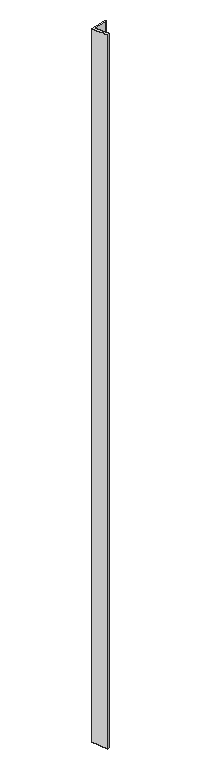
Revit family "Ângulos iguais em L - Coluna", category Pilares estruturais, Revit 2019
Family settings
  Forma do corte = Não definido
  Material para o comportamento do modelo = Aço
  Exportar sempre como geometria = Não
  Redução da viga na planta = Da caixa de vinculação
  Corte com vazios quando carregada = Não
  Representação simbólica = Das configurações de projeto
  Compartilhado = Não
  Exibir o pré-corte da família na vista da planta = Sim
Parameters (values of type "L64x64x6.4")
  x = 18.3 mm
  y = 18.3 mm
  t = 6.4 mm
  r2 = t  # 6.4 mm
  r1 = t  # 6.4 mm
  d = 64 mm
  b = 64 mm
  W = 0.0061
  Structural Material [instance] = Metal - Aço - 250 MPa
  A = 0.000768 m²
Reference planes
  plane 1 "Centro (Frente/Trás)": y = 0
  plane 2: z = 0
  plane 3 "Centro (Esquerda/Direita)": x = 0
  plane 4 "Esquerda": x = -18.3
  plane 5 "Direita": x = 45.7
  plane 6 "Parte posterior": y = 45.7
  plane 7 "Parte frontal": y = -18.3
  plane 8: y = -11.9
  plane 9: x = -11.9
Forms (mm)
  Extrusion 1, solid, material "Metal - Aço - 250 MPa" <- "Structural Material", detail levels medium
    sketch origin (0, 0, 0) x (1, 0, 0) y (0, 1, 0)
      loop
        line (-11.9, 45.7) -> (-18.3, 45.7) -> (-18.3, -18.3) -> (45.7, -18.3) -> (45.7, -11.9) -> (-11.9, -11.9) -> (-11.9, 45.7)
    from 0 to 2500
  Extrusion 2, solid, material "Metal - Aço - 250 MPa" <- "Structural Material", detail levels fine
    sketch origin (0, 0, 0) x (1, 0, 0) y (0, 1, 0)
      loop
        line (-18.3, 45.7) -> (-18.3, -18.3) -> (45.7, -18.3)
        arc (45.7, -18.3) -> (43.825, -13.775) -> (39.3, -11.9) r 6.4
        line (39.3, -11.9) -> (-5.5, -11.9)
        arc (-5.5, -11.9) -> (-10.025, -10.025) -> (-11.9, -5.5) r 6.4
        line (-11.9, -5.5) -> (-11.9, 39.3)
        arc (-11.9, 39.3) -> (-13.775, 43.825) -> (-18.3, 45.7) r 6.4
    from 0 to 2500
Lines and regions (mm)
  symbolic lines, style "Faces ocultas", detail levels medium+fine
    curve 1: line (-11.9, 45.7, 2500) -> (-11.9, 45.7, 0)
  symbolic lines, style "HiddenStructuralColumnLines", detail levels medium+fine
    curve 2: line (-18.3, -11.9, 2500) -> (-18.3, -11.9, 0)
  symbolic lines, style "StructuralColumnStickSymbols", detail levels coarse
    curve 3: line (-18.3, 45.7, 0) -> (-18.3, -18.3, 0)
    curve 4: line (-18.3, -18.3, 0) -> (45.7, -18.3, 0)
Dimensions and locks
  "b": plane 4 "Esquerda" to plane 5 "Direita"
  "d": plane 7 "Parte frontal" to plane 6 "Parte posterior"
  "t": plane 8 to plane 7 "Parte frontal"
  "t": plane 4 "Esquerda" to plane 9
  "x": plane 4 "Esquerda" to plane 3 "Centro (Esquerda/Direita)"
  "y": plane 7 "Parte frontal" to plane 1 "Centro (Frente/Trás)"
  "r1": radius of Extrusion 2 sketch curve  (x2)
  "r2": radius of Extrusion 2 sketch curve
  aligned and locked: level to plane 2
  aligned and locked: level to curve 1
  aligned and locked: plane 2 to curve 1
  aligned and locked: plane 9 to curve 1
  aligned and locked: plane 2 to curve 2
  aligned and locked: level to curve 2
  aligned and locked: plane 6 "Parte posterior" to Extrusion 1 sketch curve
  aligned and locked: plane 9 to Extrusion 1 sketch curve
  aligned and locked: Extrusion 1 sketch curve to plane 4 "Esquerda"
  aligned and locked: Extrusion 1 sketch curve to plane 8
  aligned and locked: plane 5 "Direita" to Extrusion 1 sketch curve
  aligned and locked: Extrusion 1 sketch curve to plane 7 "Parte frontal"
  aligned and locked: level to Extrusion 1
  aligned and locked: Extrusion 1 to level
  aligned and locked: curve 3 to Extrusion 1
  aligned and locked: curve 4 to Extrusion 1
  aligned and locked: plane 4 "Esquerda" to curve 4
  aligned and locked: plane 5 "Direita" to curve 4
  aligned and locked: plane 7 "Parte frontal" to curve 4
  aligned and locked: plane 6 "Parte posterior" to curve 3
  aligned and locked: Extrusion 2 sketch curve to Extrusion 1  (x2)
  aligned and locked: Extrusion 1 to Extrusion 2 sketch curve  (x2)
  aligned and locked: level to Extrusion 2
  aligned and locked: Extrusion 2 to level
Automatic sketch dimensions
  curve 2 to plane 8 = 0 mm
  plane 6 "Parte posterior" to Extrusion 2 sketch curve = 0 mm  (x2)
  Extrusion 2 sketch curve to plane 5 "Direita" = 0 mm  (x2)
Types in the file's own list only (57): name | x | y | t | r2 | r1 | d | b | W | A
  L64x64x7.9 | 19 mm | 19 mm | 8 mm | 8 mm | 8 mm | 64 mm | 64 mm | 0.0074 | 0.00 m²
  L64x64x9.5 | 19 mm | 19 mm | 10 mm | 10 mm | 10 mm | 64 mm | 64 mm | 0.0088 | 0.00 m²
  L76x76x11.1 | 22 mm | 22 mm | 11 mm | 11 mm | 11 mm | 76 mm | 76 mm | 0.0091 | 0.00 m²
  L76x76x12.7 | 23 mm | 23 mm | 13 mm | 13 mm | 13 mm | 76 mm | 76 mm | 0.0107 | 0.00 m²
  L76x76x14.3 | 23 mm | 23 mm | 14 mm | 14 mm | 14 mm | 76 mm | 76 mm | 0.0124 | 0.00 m²
  L76x76x15.9 | 24 mm | 24 mm | 16 mm | 16 mm | 16 mm | 76 mm | 76 mm | 0.014 | 0.00 m²
  L102x102x9.5 | 29 mm | 29 mm | 10 mm | 10 mm | 10 mm | 102 mm | 102 mm | 0.0146 | 0.00 m²
  L102x102x11.1 | 30 mm | 30 mm | 11 mm | 11 mm | 11 mm | 102 mm | 102 mm | 0.0168 | 0.00 m²
  L102x102x12.7 | 30 mm | 30 mm | 13 mm | 13 mm | 13 mm | 102 mm | 102 mm | 0.0191 | 0.00 m²
  L102x102x14.3 | 31 mm | 31 mm | 14 mm | 14 mm | 14 mm | 102 mm | 102 mm | 0.0213 | 0.00 m²
  L102x102x15.9 | 31 mm | 31 mm | 16 mm | 16 mm | 16 mm | 102 mm | 102 mm | 0.0234 | 0.00 m²
  L127x127x12.7 | 36 mm | 36 mm | 13 mm | 13 mm | 13 mm | 127 mm | 127 mm | 0.0241 | 0.00 m²
  L127x127x14.3 | 37 mm | 37 mm | 14 mm | 14 mm | 14 mm | 127 mm | 127 mm | 0.0269 | 0.00 m²
  L127x127x15.9 | 38 mm | 38 mm | 16 mm | 16 mm | 16 mm | 127 mm | 127 mm | 0.0298 | 0.00 m²
  L127x127x17.5 | 38 mm | 38 mm | 18 mm | 18 mm | 18 mm | 127 mm | 127 mm | 0.0324 | 0.00 m²
  L127x127x19.1 | 39 mm | 39 mm | 19 mm | 19 mm | 19 mm | 127 mm | 127 mm | 0.0351 | 0.00 m²
  L152x152x9.5 | 42 mm | 42 mm | 10 mm | 10 mm | 10 mm | 152 mm | 152 mm | 0.0222 | 0.00 m²
  L152x152x11.1 | 42 mm | 42 mm | 11 mm | 11 mm | 11 mm | 152 mm | 152 mm | 0.0256 | 0.00 m²
  L152x152x12.7 | 43 mm | 43 mm | 13 mm | 13 mm | 13 mm | 152 mm | 152 mm | 0.0292 | 0.00 m²
  L152x152x14.3 | 43 mm | 43 mm | 14 mm | 14 mm | 14 mm | 152 mm | 152 mm | 0.0326 | 0.00 m²
  L152x152x15.9 | 44 mm | 44 mm | 16 mm | 16 mm | 16 mm | 152 mm | 152 mm | 0.036 | 0.00 m²
  L152x152x17.5 | 45 mm | 45 mm | 18 mm | 18 mm | 18 mm | 152 mm | 152 mm | 0.0394 | 0.01 m²
  L152x152x19.1 | 45 mm | 45 mm | 19 mm | 19 mm | 19 mm | 152 mm | 152 mm | 0.0427 | 0.01 m²
  L152x152x20.6 | 46 mm | 46 mm | 21 mm | 21 mm | 21 mm | 152 mm | 152 mm | 0.0461 | 0.01 m²
  L152x152x22.2 | 46 mm | 46 mm | 22 mm | 22 mm | 22 mm | 152 mm | 152 mm | 0.0493 | 0.01 m²
  L203x203x12.7 | 56 mm | 56 mm | 13 mm | 13 mm | 13 mm | 203 mm | 203 mm | 0.0393 | 0.01 m²
  L203x203x14.3 | 56 mm | 56 mm | 14 mm | 14 mm | 14 mm | 203 mm | 203 mm | 0.0444 | 0.01 m²
  L203x203x15.9 | 57 mm | 57 mm | 16 mm | 16 mm | 16 mm | 203 mm | 203 mm | 0.0487 | 0.01 m²
  L203x203x17.5 | 57 mm | 57 mm | 18 mm | 18 mm | 18 mm | 203 mm | 203 mm | 0.0533 | 0.01 m²
  L203x203x19.1 | 58 mm | 58 mm | 19 mm | 19 mm | 19 mm | 203 mm | 203 mm | 0.0579 | 0.01 m²
  L203x203x20.6 | 58 mm | 58 mm | 21 mm | 21 mm | 21 mm | 203 mm | 203 mm | 0.0625 | 0.01 m²
  L203x203x22.2 | 59 mm | 59 mm | 22 mm | 22 mm | 22 mm | 203 mm | 203 mm | 0.067 | 0.01 m²
  L203x203x23.8 | 59 mm | 59 mm | 24 mm | 24 mm | 24 mm | 203 mm | 203 mm | 0.0716 | 0.01 m²
  L203x203x25.4 | 60 mm | 60 mm | 25 mm | 25 mm | 25 mm | 203 mm | 203 mm | 0.0759 | 0.01 m²
  L16x16x3.2 | 5 mm | 5 mm | 3 mm | 3 mm | 3 mm | 16 mm | 16 mm | 0.00071 | 0.00 m²
  L19x19x3.2 | 6 mm | 6 mm | 3 mm | 3 mm | 3 mm | 19 mm | 19 mm | 0.00088 | 0.00 m²
  L22X22x3.2 | 7 mm | 7 mm | 3 mm | 3 mm | 3 mm | 22 mm | 22 mm | 0.00104 | 0.00 m²
  L25X25x3.2 | 8 mm | 8 mm | 3 mm | 3 mm | 3 mm | 25 mm | 25 mm | 0.00119 | 0.00 m²
  L25X25x4.8 | 8 mm | 8 mm | 5 mm | 5 mm | 5 mm | 25 mm | 25 mm | 0.00173 | 0.00 m²
  L25X25x6.4 | 9 mm | 9 mm | 6 mm | 6 mm | 6 mm | 25 mm | 25 mm | 0.00221 | 0.00 m²
  L32X32x3.2 | 9 mm | 9 mm | 3 mm | 3 mm | 3 mm | 32 mm | 32 mm | 0.0015 | 0.00 m²
  L32X32x4.8 | 10 mm | 10 mm | 5 mm | 5 mm | 5 mm | 32 mm | 32 mm | 0.0022 | 0.00 m²
  L32X32x6.4 | 10 mm | 10 mm | 6 mm | 6 mm | 6 mm | 32 mm | 32 mm | 0.00286 | 0.00 m²
  L38X38x3.2 | 11 mm | 11 mm | 3 mm | 3 mm | 3 mm | 38 mm | 38 mm | 0.00183 | 0.00 m²
  L38X38x4.8 | 11 mm | 11 mm | 5 mm | 5 mm | 5 mm | 38 mm | 38 mm | 0.00268 | 0.00 m²
  L38X38x6.4 | 12 mm | 12 mm | 6 mm | 6 mm | 6 mm | 38 mm | 38 mm | 0.00348 | 0.00 m²
  L38X38x7.9 | 12 mm | 12 mm | 8 mm | 8 mm | 8 mm | 38 mm | 38 mm | 0.00426 | 0.00 m²
  L44X44x3.2 | 12 mm | 12 mm | 3 mm | 3 mm | 3 mm | 44 mm | 44 mm | 0.00214 | 0.00 m²
  L44X44x4.8 | 13 mm | 13 mm | 5 mm | 5 mm | 5 mm | 44 mm | 44 mm | 0.00315 | 0.00 m²
  L44X44x6.4 | 13 mm | 13 mm | 6 mm | 6 mm | 6 mm | 44 mm | 44 mm | 0.00412 | 0.00 m²
  L44X44x7.9 | 14 mm | 14 mm | 8 mm | 8 mm | 8 mm | 44 mm | 44 mm | 0.00505 | 0.00 m²
  L44X44x9.5 | 15 mm | 15 mm | 10 mm | 10 mm | 10 mm | 44 mm | 44 mm | 0.00594 | 0.00 m²
  L51X51x3.2 | 14 mm | 14 mm | 3 mm | 3 mm | 3 mm | 51 mm | 51 mm | 0.00246 | 0.00 m²
  L51X51x4.8 | 14 mm | 14 mm | 5 mm | 5 mm | 5 mm | 51 mm | 51 mm | 0.00363 | 0.00 m²
  L51X51x6.4 | 15 mm | 15 mm | 6 mm | 6 mm | 6 mm | 51 mm | 51 mm | 0.00476 | 0.00 m²
  L51X51x7.9 | 15 mm | 15 mm | 8 mm | 8 mm | 8 mm | 51 mm | 51 mm | 0.00583 | 0.00 m²
  L51X51x9.5 | 16 mm | 16 mm | 10 mm | 10 mm | 10 mm | 51 mm | 51 mm | 0.00699 | 0.00 m²
